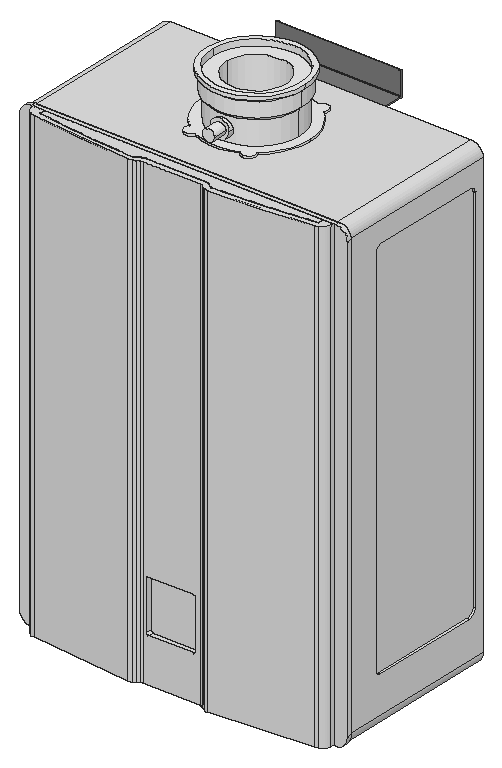
Revit family "HD210I", category Mechanical Equipment, Revit 2017
Family settings
  Round Connector Dimension = Use Diameter
  Part Type = Normal
  Work Plane-Based = No
  Always vertical = Yes
  Cut with Voids When Loaded = No
  Shared = No
  Room Calculation Point = No
Parameters
  Weight [instance] = 29.00 kg
  Mounting [instance] = Internal Only : Internal Only
  Max gas load [instance] = 210000000 J
  Max electric load [instance] = 104 W
  Link [instance] = "https://www.rinnai.com.au/commercial/"
  Hot water connections [instance] = "R 3/4"
  Gas connection [instance] = "R 3/4"
  Flow rate at 25°C rise [instance] = "32l/min"
  Electrical [instance] = "240 / 1 / 50"
  Cold water connection [instance] = "R 3/4"
Reference planes
  plane 1 "Center (Front/Back)": y = 0
  plane 2: z = 0
  plane 3 "Center (Left/Right)": x = 0
Forms (mm)
  Extrusion 1, solid, material "Casing"
    sketch origin (0, 0, 2.187) x (1, 0, 0) y (0, 0, 1)
      loop
        arc (606.297, 670) -> (594.281, 665.023) -> (589.304, 653.007) r 16.993
        line (589.304, 653.007) -> (589.304, 14.806)
        arc (589.304, 14.806) -> (594.281, 2.79) -> (606.297, -2.187) r 16.993
        line (606.297, -2.187) -> (1038.31, -2.187)
        arc (1038.31, -2.187) -> (1050.327, 2.79) -> (1055.304, 14.806) r 16.993
        line (1055.304, 14.806) -> (1055.304, 653.007)
        arc (1055.304, 653.007) -> (1050.327, 665.023) -> (1038.31, 670) r 16.993
        line (1038.31, 670) -> (606.297, 670)
    from 0 to 240
  Extrusion 2, solid, material "Casing"
    sketch origin (0, 0, 0) x (1, 0, 0) y (0, 1, 0)
      loop
        spline (879.229, -267.242) -> (891.231, -266.736) -> (903.229, -266.134) -> (915.222, -265.435) -> (927.208, -264.64) -> (939.188, -263.748) -> (951.161, -262.76) -> (963.125, -261.676) -> (975.08, -260.496) -> (987.025, -259.219) -> (998.959, -257.846) -> (1010.882, -256.378) -> (1022.793, -254.813)
        line (1022.793, -254.813) -> (1022.793, -246.506) -> (621.815, -246.506) -> (621.815, -254.813)
        spline (621.815, -254.813) -> (633.726, -256.378) -> (645.649, -257.846) -> (657.583, -259.219) -> (669.528, -260.496) -> (681.483, -261.676) -> (693.447, -262.76) -> (705.419, -263.748) -> (717.399, -264.64) -> (729.386, -265.435) -> (741.379, -266.134) -> (753.377, -266.736) -> (765.379, -267.242)
        arc (765.379, -267.242) -> (765.936, -267.185) -> (766.456, -266.975) r 2.002
        line (766.456, -266.975) -> (770.346, -264.73) -> (773.401, -262.965)
        spline (773.401, -262.965) -> (774.021, -262.641) -> (774.646, -262.328) -> (775.281, -262.039) -> (775.93, -261.783) -> (776.592, -261.559) -> (777.264, -261.365) -> (777.943, -261.198) -> (778.629, -261.06) -> (779.319, -260.955) -> (780.013, -260.887) -> (780.71, -260.846) -> (781.409, -260.82)
        line (781.409, -260.82) -> (863.199, -260.82)
        spline (863.199, -260.82) -> (863.897, -260.849) -> (864.595, -260.89) -> (865.289, -260.957) -> (865.98, -261.06) -> (866.665, -261.197) -> (867.344, -261.365) -> (868.016, -261.56) -> (868.678, -261.783) -> (869.328, -262.038) -> (869.964, -262.326) -> (870.588, -262.639) -> (871.206, -262.965)
        line (871.206, -262.965) -> (875.096, -265.211) -> (878.152, -266.975)
        arc (878.152, -266.975) -> (878.671, -267.185) -> (879.229, -267.242) r 2.002
    from 0 to 672.187
  Extrusion 3, solid, material "Casing"
    sketch origin (0, 0, 0) x (1, 0, 0) y (0, 0, 1)
      loop
        line (1040.832, 672.187) -> (603.776, 672.187)
        arc (603.776, 672.187) -> (591.76, 667.21) -> (586.782, 655.194) r 16.993
        line (586.782, 655.194) -> (586.782, 16.993)
        arc (586.782, 16.993) -> (591.76, 4.977) -> (603.776, 0) r 16.993
        line (603.776, 0) -> (1040.832, 0)
        arc (1040.832, 0) -> (1052.848, 4.977) -> (1057.826, 16.993) r 16.993
        line (1057.826, 16.993) -> (1057.826, 655.194)
        arc (1057.826, 655.194) -> (1052.848, 667.21) -> (1040.832, 672.187) r 16.993
    from 240 to 246.506
  Extrusion 4, solid, material "Casing"
    sketch origin (0, 0, 0) x (1, 0, 0) y (0, 1, 0)
      loop
        arc (879.229, -267.242) -> (878.671, -267.185) -> (878.152, -266.975) r 2.002
        line (878.152, -266.975) -> (875.096, -265.211) -> (871.206, -262.965)
        spline (871.206, -262.965) -> (870.588, -262.639) -> (869.964, -262.326) -> (869.328, -262.038) -> (868.678, -261.783) -> (868.016, -261.56) -> (867.344, -261.365) -> (866.665, -261.197) -> (865.98, -261.06) -> (865.289, -260.957) -> (864.595, -260.89) -> (863.897, -260.849) -> (863.199, -260.82)
        line (863.199, -260.82) -> (781.409, -260.82)
        spline (781.409, -260.82) -> (780.71, -260.846) -> (780.013, -260.887) -> (779.319, -260.955) -> (778.629, -261.06) -> (777.943, -261.198) -> (777.264, -261.365) -> (776.592, -261.559) -> (775.93, -261.783) -> (775.281, -262.039) -> (774.646, -262.328) -> (774.021, -262.641) -> (773.401, -262.965)
        line (773.401, -262.965) -> (770.346, -264.73) -> (766.456, -266.975)
        arc (766.456, -266.975) -> (765.936, -267.185) -> (765.379, -267.242) r 2.002
        spline (765.379, -267.242) -> (753.377, -266.736) -> (741.379, -266.134) -> (729.386, -265.435) -> (717.399, -264.64) -> (705.419, -263.748) -> (693.447, -262.76) -> (681.483, -261.676) -> (669.528, -260.496) -> (657.583, -259.219) -> (645.649, -257.846) -> (633.726, -256.378) -> (621.815, -254.813)
        line (621.815, -254.813) -> (621.815, -246.506) -> (606.801, -246.506) -> (606.801, -250.416)
        spline (606.801, -250.416) -> (606.891, -251.401) -> (607.151, -252.461) -> (607.563, -253.573) -> (608.111, -254.715) -> (608.78, -255.861) -> (609.551, -256.988) -> (610.41, -258.072) -> (611.339, -259.09) -> (612.323, -260.018) -> (613.343, -260.831) -> (614.385, -261.506) -> (615.432, -262.02)
        line (615.432, -262.02) -> (620.741, -262.748)
        spline (620.741, -262.748) -> (632.715, -264.321) -> (644.702, -265.797) -> (656.7, -267.177) -> (668.709, -268.46) -> (680.728, -269.647) -> (692.757, -270.737) -> (704.793, -271.73) -> (716.837, -272.627) -> (728.888, -273.426) -> (740.945, -274.129) -> (753.007, -274.735) -> (765.074, -275.243)
        arc (765.074, -275.243) -> (767.861, -274.957) -> (770.46, -273.91) r 10.009
        line (770.46, -273.91) -> (773.516, -272.145) -> (777.405, -269.9) -> (781.409, -268.827) -> (863.199, -268.827) -> (867.203, -269.9) -> (870.258, -271.664) -> (874.148, -273.91)
        arc (874.148, -273.91) -> (876.747, -274.957) -> (879.534, -275.243) r 10.009
        spline (879.534, -275.243) -> (891.601, -274.735) -> (903.663, -274.129) -> (915.72, -273.426) -> (927.771, -272.627) -> (939.815, -271.73) -> (951.851, -270.737) -> (963.879, -269.647) -> (975.898, -268.46) -> (987.907, -267.177) -> (999.906, -265.797) -> (1011.893, -264.321) -> (1023.867, -262.748)
        line (1023.867, -262.748) -> (1029.176, -262.02)
        spline (1029.176, -262.02) -> (1030.222, -261.506) -> (1031.264, -260.831) -> (1032.285, -260.018) -> (1033.268, -259.09) -> (1034.198, -258.072) -> (1035.056, -256.988) -> (1035.828, -255.861) -> (1036.497, -254.715) -> (1037.045, -253.573) -> (1037.457, -252.461) -> (1037.717, -251.401) -> (1037.807, -250.416)
        line (1037.807, -250.416) -> (1037.807, -246.506) -> (1022.793, -246.506) -> (1022.793, -254.813)
        spline (1022.793, -254.813) -> (1010.882, -256.378) -> (998.959, -257.846) -> (987.025, -259.219) -> (975.08, -260.496) -> (963.125, -261.676) -> (951.161, -262.76) -> (939.188, -263.748) -> (927.208, -264.64) -> (915.222, -265.435) -> (903.229, -266.134) -> (891.231, -266.736) -> (879.229, -267.242)
    from 0 to 672.187
  Extrusion 5, void
    sketch origin (0, 0, 0) x (1, 0, 0) y (0, 0, 1)
      loop
        arc (858.14, 136.87) -> (857.174, 139.204) -> (854.841, 140.171) r 3.299
        line (854.841, 140.171) -> (789.766, 140.171)
        arc (789.766, 140.171) -> (787.433, 139.204) -> (786.468, 136.87) r 3.299
        line (786.468, 136.87) -> (786.468, 67.297)
        arc (786.468, 67.297) -> (787.434, 64.966) -> (789.766, 64) r 3.299
        line (789.766, 64) -> (854.841, 64)
        arc (854.841, 64) -> (857.173, 64.966) -> (858.14, 67.297) r 3.299
        line (858.14, 67.297) -> (858.14, 136.87)
    from 260.82 to 268.827
  Extrusion 6, solid, material "Default Floor"
    sketch origin (822.304, 0, 103.462) x (0, 1, 0) y (0, 0, 1)
      loop
        line (31.4, 600.6) -> (31.4, 567.8)
        arc (31.4, 567.8) -> (31.166, 567.234) -> (30.6, 567) r 0.8
        line (30.6, 567) -> (1.6, 567)
        arc (1.6, 567) -> (0.469, 566.531) -> (0, 565.4) r 1.6
        line (0, 565.4) -> (0, 547) -> (1.6, 547) -> (1.6, 564.6)
        arc (1.6, 564.6) -> (1.834, 565.166) -> (2.4, 565.4) r 0.8
        line (2.4, 565.4) -> (31.4, 565.4)
        arc (31.4, 565.4) -> (32.531, 565.869) -> (33, 567) r 1.6
        line (33, 567) -> (33, 600.6)
        arc (33, 600.6) -> (32.2, 601.4) -> (31.4, 600.6) r 0.8
      loop
        arc (31.4, -132.062) -> (32.2, -132.862) -> (33, -132.062) r 0.8
        line (33, -132.062) -> (33, -98.462)
        arc (33, -98.462) -> (32.531, -97.33) -> (31.4, -96.862) r 1.6
        line (31.4, -96.862) -> (2.4, -96.862)
        arc (2.4, -96.862) -> (1.834, -96.627) -> (1.6, -96.062) r 0.8
        line (1.6, -96.062) -> (1.6, -78.462) -> (0, -78.462) -> (0, -96.862)
        arc (0, -96.862) -> (0.469, -97.993) -> (1.6, -98.462) r 1.6
        line (1.6, -98.462) -> (30.6, -98.462)
        arc (30.6, -98.462) -> (31.166, -98.696) -> (31.4, -99.262) r 0.8
        line (31.4, -99.262) -> (31.4, -132.062)
    from -89.3 to 90.7
  Sweep 7, solid, material "Aluminium"
    path origin (97.628, 0, 0) x (1, 0, 0) y (0, 1, 0)
      loop
        circle (724.676, -115.606) r 70
    profile origin (822.304, -45.606, 0) x (0, -1, 0) y (0, 0, 1)
      loop
        line (3.099, 737.362) -> (4.398, 733.439) -> (4.398, 712.248) -> (8.497, 708.149) -> (8.497, 672.187) -> (68.474, 672.187) -> (68.474, 742.36) -> (0, 742.36) -> (0, 737.362) -> (3.099, 737.362)
  Extrusion 8, void
    sketch origin (0, 0, 0) x (1, 0, 0) y (0, 1, 0)
      loop
        circle (822.281, -115.499) r 42.5
    from 650.462 to 742.36
  Extrusion 9, void
    sketch origin (0, 0, 0) x (1, 0, 0) y (0, 1, 0)
      loop
        circle (822.281, -115.499) r 63
    from 733.439 to 767.114
  Sweep 10, solid, material "GAS"
    path origin (1102.638, 1, 15) x (-1, 0, 0) y (0, 0, 1)
      loop
        line (-99.3, -15) -> (-99.3, -75)
    profile origin (1201.938, 1, -30) x (0, -1, 0) y (1, 0, 0)
      loop
        circle (58, -237.3) r 13
  Sweep 11, solid, material "CW"
    path origin (828.549, -25.826, 15) x (-1, 0, 0) y (0, 0, 1)
      loop
        line (-99.3, -15) -> (-99.3, -75)
    profile origin (927.849, -25.826, -30) x (0, -1, 0) y (1, 0, 0)
      loop
        circle (49.174, -114.211) r 13
  Sweep 12, solid, material "HW"
    path origin (825, 1, 10) x (-1, 0, 0) y (0, 0, 1)
      loop
        line (-99.3, -10) -> (-99.3, -70)
    profile origin (924.3, 1, -30) x (0, -1, 0) y (1, 0, 0)
      loop
        circle (142, -230.662) r 13
  Extrusion 13, solid, material "Aluminium"
    sketch origin (0, -171.657, 0) x (1, 0, 0) y (0, 0, 1)
      loop
        circle (822.281, 690.687) r 13.5
    from 0 to 10
  Extrusion 14, solid, material "Aluminium"
    sketch origin (0, -181.657, 0) x (1, 0, 0) y (0, 0, 1)
      loop
        circle (822.281, 690.687) r 8.5
    from 0 to 20
  Extrusion 15, void
    sketch origin (0, 0, 0) x (0, 1, 0) y (0, 0, 1)
      loop
        line (-13, 80.187) -> (-13, 615.187)
        arc (-13, 615.187) -> (-15.929, 622.258) -> (-23, 625.187) r 10
        line (-23, 625.187) -> (-183, 625.187)
        arc (-183, 625.187) -> (-190.071, 622.258) -> (-193, 615.187) r 10
        line (-193, 615.187) -> (-193, 80.187)
        arc (-193, 80.187) -> (-190.071, 73.116) -> (-183, 70.187) r 10
        line (-183, 70.187) -> (-23, 70.187)
        arc (-23, 70.187) -> (-15.929, 73.116) -> (-13, 80.187) r 10
    from 580 to 595
  Extrusion 16, void
    sketch origin (1646.008, 0, 0) x (0, 1, 0) y (0, 0, -1)
      loop
        arc (-13, -80.187) -> (-15.929, -73.116) -> (-23, -70.187) r 10
        line (-23, -70.187) -> (-183, -70.187)
        arc (-183, -70.187) -> (-190.071, -73.116) -> (-193, -80.187) r 10
        line (-193, -80.187) -> (-193, -615.187)
        arc (-193, -615.187) -> (-190.071, -622.258) -> (-183, -625.187) r 10
        line (-183, -625.187) -> (-23, -625.187)
        arc (-23, -625.187) -> (-15.929, -622.258) -> (-13, -615.187) r 10
        line (-13, -615.187) -> (-13, -80.187)
    from 580 to 595
  Extrusion 17, solid, material "Aluminium"
    sketch origin (0, 0, 672.187) x (1, 0, 0) y (0, 1, 0)
      loop
        arc (745.304, -115.606) -> (752.652, -148.433) -> (773.294, -174.995) r 77
        arc (773.294, -174.995) -> (776.198, -189.17) -> (790.222, -185.604) r 10
        arc (790.222, -185.604) -> (822.304, -192.606) -> (854.386, -185.604) r 77
        arc (854.386, -185.604) -> (868.409, -189.17) -> (871.314, -174.995) r 10
        arc (871.314, -174.995) -> (891.956, -148.433) -> (899.304, -115.606) r 77
        arc (899.304, -115.606) -> (891.929, -82.723) -> (871.218, -56.138) r 77
        arc (871.218, -56.138) -> (868.397, -41.819) -> (854.291, -45.564) r 10
        arc (854.291, -45.564) -> (822.304, -38.606) -> (790.316, -45.564) r 77
        arc (790.316, -45.564) -> (776.211, -41.819) -> (773.39, -56.138) r 10
        arc (773.39, -56.138) -> (752.679, -82.723) -> (745.304, -115.606) r 77
      loop
        circle (822.304, -115.606) r 61.503
    from 0 to 2
Cuts and joins
  Extrusion 5, Extrusion 8, Extrusion 9, Extrusion 15, Extrusion 16 cuts Extrusion 1
  Extrusion 5 cuts Extrusion 3
  Extrusion 5 cuts Extrusion 4
  Extrusion 5 cuts Extrusion 2
  Extrusion 8, Extrusion 9 cuts Sweep 7
Lines and regions (mm)
  Filled region 1, type "Drawing1.dwg--13", in view "Ref. Level"
    outline origin (0, 0, 0) x (1, 0, 0) y (0, 1, 0)
      loop
        line (2443.126, 537.634) -> (2443.719, 534.078) -> (2444.312, 537.634) -> (2443.126, 537.634)
  Filled region 2, type "Drawing1.dwg--13", in view "Ref. Level"
    outline origin (0, 0, 0) x (1, 0, 0) y (0, 1, 0)
      loop
        line (2443.126, 602.387) -> (2444.312, 602.387) -> (2443.719, 605.943) -> (2443.126, 602.387)
  Filled region 3, type "Drawing1.dwg--13", in view "Ref. Level"
    outline origin (0, 0, 0) x (1, 0, 0) y (0, 1, 0)
      loop
        line (2411.243, 622.004) -> (2412.428, 622.004) -> (2411.835, 625.56) -> (2411.243, 622.004)
  Filled region 4, type "Drawing1.dwg--13", in view "Ref. Level"
    outline origin (0, 0, 0) x (1, 0, 0) y (0, 1, 0)
      loop
        line (2411.243, 537.634) -> (2411.835, 534.078) -> (2412.428, 537.634) -> (2411.243, 537.634)
  Filled region 5, type "Drawing1.dwg--13", in view "Ref. Level"
    outline origin (0, 0, 0) x (1, 0, 0) y (0, 1, 0)
      loop
        line (2388.069, 537.634) -> (2388.661, 534.078) -> (2389.254, 537.634) -> (2388.069, 537.634)
  Filled region 6, type "Drawing1.dwg--13", in view "Ref. Level"
    outline origin (0, 0, 0) x (1, 0, 0) y (0, 1, 0)
      loop
        line (2388.069, 688.164) -> (2389.254, 688.164) -> (2388.661, 691.72) -> (2388.069, 688.164)
  Filled region 7, type "Drawing1.dwg--13", in view "Ref. Level"
    outline origin (0, 0, 0) x (1, 0, 0) y (0, 1, 0)
      loop
        line (2346.525, 537.634) -> (2347.118, 534.078) -> (2347.71, 537.634) -> (2346.525, 537.634)
  Filled region 8, type "Drawing1.dwg--13", in view "Ref. Level"
    outline origin (0, 0, 0) x (1, 0, 0) y (0, 1, 0)
      loop
        line (2346.525, 821.501) -> (2347.71, 821.501) -> (2347.118, 825.057) -> (2346.525, 821.501)
  Filled region 9, type "Drawing1.dwg--13", in view "Ref. Level"
    outline origin (0, 0, 0) x (1, 0, 0) y (0, 1, 0)
      loop
        line (2481.142, 446.981) -> (2477.586, 446.389) -> (2481.142, 445.796) -> (2481.142, 446.981)
  Filled region 10, type "Drawing1.dwg--13", in view "Ref. Level"
    outline origin (0, 0, 0) x (1, 0, 0) y (0, 1, 0)
      loop
        line (2945.053, 446.981) -> (2945.053, 445.796) -> (2948.609, 446.389) -> (2945.053, 446.981)
  Filled region 11, type "Drawing1.dwg--13", in view "Ref. Level"
    outline origin (0, 0, 0) x (1, 0, 0) y (0, 1, 0)
      loop
        line (2716.653, 507.808) -> (2713.097, 507.215) -> (2716.653, 506.622) -> (2716.653, 507.808)
  Filled region 12, type "Drawing1.dwg--13", in view "Ref. Level"
    outline origin (0, 0, 0) x (1, 0, 0) y (0, 1, 0)
      loop
        line (2700.283, 507.808) -> (2700.283, 506.622) -> (2703.839, 507.215) -> (2700.283, 507.808)
  Filled region 13, type "Drawing1.dwg--13", in view "Ref. Level"
    outline origin (0, 0, 0) x (1, 0, 0) y (0, 1, 0)
      loop
        line (2709.541, 484.509) -> (2709.541, 483.324) -> (2713.097, 483.916) -> (2709.541, 484.509)
  Filled region 14, type "Drawing1.dwg--13", in view "Ref. Level"
    outline origin (0, 0, 0) x (1, 0, 0) y (0, 1, 0)
      loop
        line (2587.037, 484.509) -> (2583.481, 483.916) -> (2587.037, 483.324) -> (2587.037, 484.509)
  Filled region 15, type "Drawing1.dwg--13", in view "Ref. Level"
    outline origin (0, 0, 0) x (1, 0, 0) y (0, 1, 0)
      loop
        line (2716.653, 484.509) -> (2713.097, 483.916) -> (2716.653, 483.324) -> (2716.653, 484.509)
  Filled region 16, type "Drawing1.dwg--13", in view "Ref. Level"
    outline origin (0, 0, 0) x (1, 0, 0) y (0, 1, 0)
      loop
        line (2851.869, 484.509) -> (2851.869, 483.324) -> (2855.425, 483.916) -> (2851.869, 484.509)
Text (mm)
  text "359" at (2439.936, 570.01, 0), in view "Ref. Level"
  text "457" at (2408.052, 579.819, 0), in view "Ref. Level"
  text "788" at (2384.878, 612.899, 0), in view "Ref. Level"
  text "1455" at (2343.334, 679.567, 0), in view "Ref. Level"
  text "2355" at (2713.097, 450.172, 0), in view "Ref. Level"
  text "46" at (2661.992, 510.998, 0), in view "Ref. Level"
  text "648" at (2648.289, 487.7, 0), in view "Ref. Level"
  text "712" at (2784.261, 487.7, 0), in view "Ref. Level"
Dimensions and locks
  aligned and locked: level to plane 2
